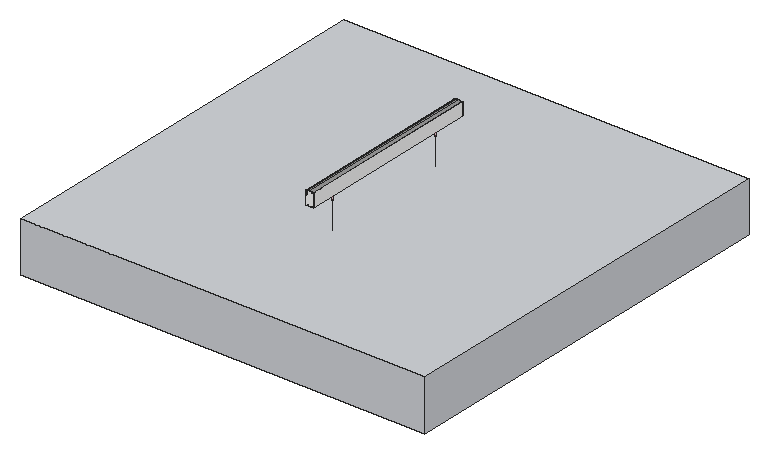
Revit family "LAMP_FIL 45 1120MM D-I OPAL", category Luminarias, Revit 2018
Family settings
  Anfitrión = Cara
  Cota de conector redondo = Diámetro de uso
  Tipo de pieza = Normal
  Corte con vacíos al cargar = No
  Origen de luz = Sí
  Compartido = No
  Punto de cálculo de habitación = No
Parameters (values of type "4000LM 3000K  BLACK")
  Ángulo de inclinación = -90.00°
  Weight = 2.55 kg
  Wattage = 19.81 W
  Type = "MID POWER TRIDONIC"
  built-in parameter 1150107 = 3000 (stored number, unit not read)
  Suspension distance [instance] = if(Suspension > 4000 mm, 4000 mm, if(Suspension < 1 mm, 1 mm, Suspension))  # 200 mm
  Suspension [instance] = 200 mm
  built-in parameter 1150110 = 1 (stored number, unit not read)
  built-in parameter 1150109 = 1 (stored number, unit not read)
  built-in parameter 1150112 = 1 (stored number, unit not read)
  built-in parameter 1150113 = 1 (stored number, unit not read)
  built-in parameter 1114218 = 1 (stored number, unit not read)
  Protection rating = "IP20 / IK07"
  Product datasheet = "http://www.lamp.es/product-files/TECH/F41SF112MOIO830NB-EN.pdf"
  Product code = "F41SF112MOIO830NB"
  Product URL = "https://www.lamp.es/en/family/fil-45_413951"
  Power Supply = "220-240V 50/60Hz"
  Power = 25 W
  Plum = 28.3 W
  Photobiological risk = ""
  NOT COVER 2 [instance] = not(END COVER 2)  # no
  NOT COVER 1 [instance] = not(END COVER 1)  # no
  built-in parameter 1150137 = (empty or 0)
  built-in parameter 1150132 = 2
  Modelo = Product code  # "F41SF112MOIO830NB"
  Model Explanation = ""
  Material suspension = LAMP_Acero genérico
  Material perfil = LAMP_Aluminio Perfil Fil NG
  Material difusor = LAMP_PC Difusor Opal Fil
  Manufacturer name = "LAMP"
  Manufacturer country = "Spain"
  Manufacturer URL = "http://www.lamp.es/en"
  MacAdam = "3"
  Longitud de línea de emisión = 1120 mm
  Last update = "21/04/2021"
  Lamp = "MID-POWER LED"
  LED Lifetime = "70.000 L80 B10"
  built-in parameter 1150105 = 678.92 (stored number, unit not read)
  built-in parameter 1150102 = (empty or 0)
  Insulation class = "I"
  Installation instructions = "https://www.lamp.es/product-files/INS/1004580-C%20INSTR.%20FIL45.pdf"
  Indirect light = LAMP_FIL 45 1120MM D-I OPAL_I : 3000K
  built-in parameter 1150106 = 6.7892 (stored number, unit not read)
  IEE = "A+"
  Gear = "Electronic"
  Lumens = 1785.08 lm
  Finish = "Matte black RAL 9011"
  Color Filter = 16777215
  built-in parameter 1114217 = 1 (stored number, unit not read)
  built-in parameter 1150139 = (empty or 0)
  Fabricante = Manufacturer name  # "LAMP"
  Default Elevation = 1219.2 mm
  built-in parameter 1150104 = 8.3715 (stored number, unit not read)
  Efficacy = 90.11 lm/W
  END COVER 2 [instance] = yes
  END COVER 1 [instance] = yes
  Dimensions = "1120x45x80"
  Descripción = "FIL45 SUR 1120 4000 WW D/I OPAL BK."
  built-in parameter 1150115 = 1 (stored number, unit not read)
  built-in parameter 1150114 = 1 (stored number, unit not read)
  built-in parameter 1150138 = (empty or 0)
  built-in parameter 1150134 = 3
  Dimming Lamp Color Temperature Shift = (empty or 0)
  CRI = "80"
  Archivo de red fotométrica = "F41SF112MOIO830NW_D.IES"
  built-in parameter 1150133 = 10 (stored number, unit not read)
Types (12, lengths in mm): name | Weight | built-in parameter 1150107 | Product datasheet | Product code | Modelo | Material perfil | built-in parameter 1150105 | Indirect light | built-in parameter 1150106 | Lumens | Finish | built-in parameter 1150104 | Efficacy | Descripción | Archivo de red fotométrica
  4000LM 3000K DALI BLACK | 2.728 kg | 3000 (stored number, unit not read) | "http://www.lamp.es/product-files/TECH/F41SF112MOIO830DB-EN.pdf" | "F41SF112MOIO830DB" | "F41SF112MOIO830DB" | LAMP_Aluminio Perfil Fil NG | 142.05 (stored number, unit not read) | LAMP_FIL 45 1120MM D-I OPAL_I : 3000K | 1.4205 (stored number, unit not read) | 1785.08 lm | "Matte black RAL 9011" | 8.3715 (stored number, unit not read) | 90.11 lm/W | "FIL45 SUR 1120 4000 WW D/I OPAL DALI BK." | "F41SF112MOIO830NW_D.IES"
  4000LM 3000K DALI GREY | 2.728 kg | 3000 (stored number, unit not read) | "http://www.lamp.es/product-files/TECH/F41SF112MOIO830DG-EN.pdf" | "F41SF112MOIO830DG" | "F41SF112MOIO830DG" | LAMP_Aluminio Perfil Fil GR | 142.05 (stored number, unit not read) | LAMP_FIL 45 1120MM D-I OPAL_I : 3000K | 1.4205 (stored number, unit not read) | 1785.08 lm | "Gloss grey" | 8.3715 (stored number, unit not read) | 90.11 lm/W | "FIL45 SUR 1120 4000 WW D/I OPAL DALI GR." | "F41SF112MOIO830NW_D.IES"
  4000LM 3000K DALI WHITE | 2.728 kg | 3000 (stored number, unit not read) | "http://www.lamp.es/product-files/TECH/F41SF112MOIO830DW-EN.pdf" | "F41SF112MOIO830DW" | "F41SF112MOIO830DW" | LAMP_Aluminio Perfil Fil BL | 142.05 (stored number, unit not read) | LAMP_FIL 45 1120MM D-I OPAL_I : 3000K | 1.4205 (stored number, unit not read) | 1785.08 lm | "Matte white RAL 9010" | 8.3715 (stored number, unit not read) | 90.11 lm/W | "FIL45 SUR 1120 4000 WW D/I OPAL DALI WH." | "F41SF112MOIO830NW_D.IES"
  4000LM 3000K  BLACK | 2.55 kg | 3000 (stored number, unit not read) | "http://www.lamp.es/product-files/TECH/F41SF112MOIO830NB-EN.pdf" | "F41SF112MOIO830NB" | "F41SF112MOIO830NB" | LAMP_Aluminio Perfil Fil NG | 678.92 (stored number, unit not read) | LAMP_FIL 45 1120MM D-I OPAL_I : 3000K | 6.7892 (stored number, unit not read) | 1785.08 lm | "Matte black RAL 9011" | 8.3715 (stored number, unit not read) | 90.11 lm/W | "FIL45 SUR 1120 4000 WW D/I OPAL BK." | "F41SF112MOIO830NW_D.IES"
  4000LM 3000K  GREY | 2.55 kg | 3000 (stored number, unit not read) | "http://www.lamp.es/product-files/TECH/F41SF112MOIO830NG-EN.pdf" | "F41SF112MOIO830NG" | "F41SF112MOIO830NG" | LAMP_Aluminio Perfil Fil GR | 142.05 (stored number, unit not read) | LAMP_FIL 45 1120MM D-I OPAL_I : 3000K | 1.4205 (stored number, unit not read) | 1785.08 lm | "Gloss grey" | 8.3715 (stored number, unit not read) | 90.11 lm/W | "FIL45 SUR 1120 4000 WW D/I OPAL GR." | "F41SF112MOIO830NW_D.IES"
  4000LM 3000K  WHITE | 2.55 kg | 3000 (stored number, unit not read) | "http://www.lamp.es/product-files/TECH/F41SF112MOIO830NW-EN.pdf" | "F41SF112MOIO830NW" | "F41SF112MOIO830NW" | LAMP_Aluminio Perfil Fil BL | 142.05 (stored number, unit not read) | LAMP_FIL 45 1120MM D-I OPAL_I : 3000K | 1.4205 (stored number, unit not read) | 1785.08 lm | "Matte white RAL 9010" | 8.3715 (stored number, unit not read) | 90.11 lm/W | "FIL45 SUR 1120 4000 WW D/I OPAL WH." | "F41SF112MOIO830NW_D.IES"
  4000LM 4000K DALI BLACK | 2.728 kg | 4000 (stored number, unit not read) | "http://www.lamp.es/product-files/TECH/F41SF112MOIO840DB-EN.pdf" | "F41SF112MOIO840DB" | "F41SF112MOIO840DB" | LAMP_Aluminio Perfil Fil NG | 148.23 (stored number, unit not read) | LAMP_FIL 45 1120MM D-I OPAL_I : 4000K | 1.4823 (stored number, unit not read) | 1862.73 lm | "Matte black RAL 9011" | 8.7357 (stored number, unit not read) | 94.04 lm/W | "FIL45 SUR 1120 4000 NW D/I OPAL DALI BK." | "F41SF112MOIO840NW_D.IES"
  4000LM 4000K DALI GREY | 2.728 kg | 4000 (stored number, unit not read) | "http://www.lamp.es/product-files/TECH/F41SF112MOIO840DG-EN.pdf" | "F41SF112MOIO840DG" | "F41SF112MOIO840DG" | LAMP_Aluminio Perfil Fil GR | 148.23 (stored number, unit not read) | LAMP_FIL 45 1120MM D-I OPAL_I : 4000K | 1.4823 (stored number, unit not read) | 1862.73 lm | "Gloss grey" | 8.7357 (stored number, unit not read) | 94.04 lm/W | "FIL45 SUR 1120 4000 NW D/I OPAL DALI GR." | "F41SF112MOIO840NW_D.IES"
  4000LM 4000K DALI WHITE | 2.728 kg | 4000 (stored number, unit not read) | "http://www.lamp.es/product-files/TECH/F41SF112MOIO840DW-EN.pdf" | "F41SF112MOIO840DW" | "F41SF112MOIO840DW" | LAMP_Aluminio Perfil Fil BL | 148.23 (stored number, unit not read) | LAMP_FIL 45 1120MM D-I OPAL_I : 4000K | 1.4823 (stored number, unit not read) | 1862.73 lm | "Matte white RAL 9010" | 8.7357 (stored number, unit not read) | 94.04 lm/W | "FIL45 SUR 1120 4000 NW D/I OPAL DALI WH." | "F41SF112MOIO840NW_D.IES"
  4000LM 4000K  BLACK | 2.55 kg | 4000 (stored number, unit not read) | "http://www.lamp.es/product-files/TECH/F41SF112MOIO840NB-EN.pdf" | "F41SF112MOIO840NB" | "F41SF112MOIO840NB" | LAMP_Aluminio Perfil Fil NG | 141.93 (stored number, unit not read) | LAMP_FIL 45 1120MM D-I OPAL_I : 4000K | 1.4193 (stored number, unit not read) | 1783.49 lm | "Matte black RAL 9011" | 8.3641 (stored number, unit not read) | 94.04 lm/W | "FIL45 SUR 1120 4000 NW D/I OPAL BK." | "F41SF112MOIO840NW_D.IES"
  4000LM 4000K  GREY | 2.55 kg | 4000 (stored number, unit not read) | "http://www.lamp.es/product-files/TECH/F41SF112MOIO840NG-EN.pdf" | "F41SF112MOIO840NG" | "F41SF112MOIO840NG" | LAMP_Aluminio Perfil Fil GR | 148.23 (stored number, unit not read) | LAMP_FIL 45 1120MM D-I OPAL_I : 4000K | 1.4823 (stored number, unit not read) | 1862.73 lm | "Gloss grey" | 8.7357 (stored number, unit not read) | 94.04 lm/W | "FIL45 SUR 1120 4000 NW D/I OPAL GR." | "F41SF112MOIO840NW_D.IES"
  4000LM 4000K  WHITE | 2.55 kg | 4000 (stored number, unit not read) | "http://www.lamp.es/product-files/TECH/F41SF112MOIO840NW-EN.pdf" | "F41SF112MOIO840NW" | "F41SF112MOIO840NW" | LAMP_Aluminio Perfil Fil BL | 148.23 (stored number, unit not read) | LAMP_FIL 45 1120MM D-I OPAL_I : 4000K | 1.4823 (stored number, unit not read) | 1862.73 lm | "Matte white RAL 9010" | 8.7357 (stored number, unit not read) | 94.04 lm/W | "FIL45 SUR 1120 4000 NW D/I OPAL WH." | "F41SF112MOIO840NW_D.IES"
Reference planes
  plane 1 "Centro (Frontal/Posterior)": y = 0
  plane 2: z = 0
  plane 3 "Centro (Izquierda/Derecha)": x = 0
Forms (mm)
  Extrusion 1, solid
    sketch origin (0, 0, 0) x (1, 0, 0) y (0, 1, 0)
      loop
        line (-1219.2, 1219.2) -> (-1219.2, -1219.2) -> (1219.2, -1219.2) -> (1219.2, 1219.2) -> (-1219.2, 1219.2)
    from 0 to -304.8
  Extrusion 2, solid, material "LAMP_Aluminio Perfil Fil NG" <- "Material perfil"
    sketch origin (0, 0, 0) x (1, 0, 0) y (0, 0, 1)
      loop
        arc (22.5, 285.7) -> (21.5, 286.7) -> (20.5, 285.7) r 1
        line (20.5, 285.7) -> (20.5, 284.2) -> (17.8, 284.2) -> (17.8, 259) -> (0, 259) -> (-17.8, 259) -> (-17.8, 284.2) -> (-20.5, 284.2) -> (-20.5, 285.7)
        arc (-20.5, 285.7) -> (-21.5, 286.7) -> (-22.5, 285.7) r 1
        line (-22.5, 285.7) -> (-22.5, 206.5) -> (-20.7, 206.5) -> (-20.7, 210) -> (-12.5, 210) -> (-12.5, 208) -> (-14.8, 208) -> (-14.5, 206.5) -> (-11, 206.5) -> (-11, 214.5) -> (0, 214.5) -> (11, 214.5) -> (11, 206.5) -> (14.5, 206.5) -> (14.8, 208) -> (12.5, 208) -> (12.5, 210) -> (20.7, 210) -> (20.7, 206.5) -> (22.5, 206.5) -> (22.5, 285.7)
    from -560 to 560
  Extrusion 3, solid, material "LAMP_Acero genérico" <- "Material suspension"
    sketch origin (0, 0, 0) x (1, 0, 0) y (0, 0, 1)
      loop
        line (-12.5, 201) -> (-15.291, 208.272) -> (-12.823, 210) -> (-13.823, 210) -> (-16.291, 208.272) -> (-13.116, 200) -> (0, 200) -> (13.116, 200) -> (16.291, 208.272) -> (13.823, 210) -> (12.823, 210) -> (15.291, 208.272) -> (12.5, 201) -> (0, 201) -> (-12.5, 201)
    from -400 to -378
  Extrusion 4, solid, material "LAMP_Acero genérico" <- "Material suspension"
    sketch origin (0, -24, 0) x (1, 0, 0) y (0, 1, 0)
      loop
        circle (0, -365) r 5
    from 163.2 to 200
  Extrusion 5, solid, material "LAMP_Acero genérico" <- "Material suspension"
    sketch origin (0, 24, 0) x (1, 0, 0) y (0, 1, 0)
      loop
        circle (0, 365) r 5
    from 163.2 to 200
  Extrusion 6, solid, material "LAMP_Acero genérico" <- "Material suspension"
    sketch origin (0, 0, 0) x (1, 0, 0) y (0, 1, 0)
      loop
        circle (0, -389) r 1
    from 0 to 163.2
  Extrusion 7, solid, material "LAMP_Acero genérico" <- "Material suspension"
    sketch origin (0, 0, 0) x (1, 0, 0) y (0, 1, 0)
      loop
        circle (0, 389) r 1
    from 0 to 163.2
  Extrusion 8, solid, material "LAMP_PC Difusor Opal Fil" <- "Material difusor"
    sketch origin (0, 0, 0) x (1, 0, 0) y (0, 0, 1)
      loop
        line (-20.5, 284.2) -> (0, 284.2) -> (20.5, 284.2) -> (20.5, 286.7) -> (0, 286.7) -> (-20.5, 286.7) -> (-20.5, 284.2)
    from -560 to 560
  Extrusion 9, solid, material "LAMP_Acero genérico" <- "Material suspension"
    sketch origin (0, 0, 0) x (1, 0, 0) y (0, 0, -1)
      loop
        line (-12.5, -201) -> (0, -201) -> (12.5, -201) -> (15.291, -208.272) -> (12.823, -210) -> (13.823, -210) -> (16.291, -208.272) -> (13.116, -200) -> (0, -200) -> (-13.116, -200) -> (-16.291, -208.272) -> (-13.823, -210) -> (-12.823, -210) -> (-15.291, -208.272) -> (-12.5, -201)
    from -400 to -378
  Extrusion 10, solid, material "LAMP_PC Difusor Opal Fil" <- "Material difusor"
    sketch origin (0, 0, 0) x (1, 0, 0) y (0, 0, 1)
      loop
        line (-11, 214.5) -> (-11, 206.5) -> (-7.529, 206.5) -> (11, 206.5) -> (11, 214.5) -> (10, 214.5) -> (10, 207.5) -> (-10, 207.5) -> (-10, 214.5) -> (-11, 214.5)
    from -560 to 560
Lines and regions (mm)
  reference lines
    curve 1: line (0, -445.47, 200) -> (0, 544.53, 200)
Text (mm)
  text "Any modification of the parameters and properties of the LAMP BIM models must be executed and validated by the LAMP technical department.\nPhone: +34 93 736 68 00\nE-mail: lamp@lamp.es\n\nLAMP reserves the right to modify the technical specifications of its products." at (3279.264, 5298.162, -2684.539), in view "Preview"
Dimensions and locks
  "Suspension distance": level to curve 1
  locked: Extrusion 4 to Extrusion 4 at 36.8
  locked: Extrusion 5 to Extrusion 5 at 36.8
  aligned and locked: plane 2 to Extrusion 1
  aligned and locked: level to Extrusion 1
  aligned and locked: Extrusion 8 to Extrusion 2  (x2)
  aligned and locked: curve 1 to Extrusion 9
  aligned and locked: curve 1 to Extrusion 3
  aligned and locked: Extrusion 4 to curve 1
  aligned and locked: Extrusion 5 to curve 1
  aligned and locked: Extrusion 6 to Extrusion 4
  aligned and locked: Extrusion 7 to Extrusion 5
  aligned and locked: Extrusion 2 to Extrusion 9  (x2)
  aligned and locked: imposter light to Extrusion 8
  aligned and locked: Extrusion 10 to Extrusion 2
  aligned and locked: nested 1 to Extrusion 2  (x2)
  aligned and locked: nested 2 to Extrusion 2  (x2)
Automatic sketch dimensions
  Extrusion 1 sketch curve to Extrusion 1 sketch curve = 2438.4 mm  (x2)
  Extrusion 3 sketch curve to plane 3 "Centro (Izquierda/Derecha)" = 0 mm  (x2)
  Extrusion 3 sketch curve to Extrusion 3 sketch curve = 12.5 mm
  Extrusion 3 sketch curve to Extrusion 3 sketch curve = 0.323 mm  (x2)
  Extrusion 3 sketch curve to Extrusion 3 sketch curve = 0.616 mm  (x2)
  Extrusion 3 sketch curve to Extrusion 3 sketch curve = 1 mm  (x5)
  Extrusion 3 sketch curve to Extrusion 3 sketch curve = 1.468 mm  (x2)
  plane 3 "Centro (Izquierda/Derecha)" to Extrusion 3 sketch curve = 12.5 mm
  level to Extrusion 3 sketch curve = 200 mm
  Extrusion 3 sketch curve to Extrusion 3 sketch curve = 7.272 mm  (x2)
  Extrusion 3 sketch curve to Extrusion 3 sketch curve = 0 mm  (x2)
  Extrusion 3 sketch curve to Extrusion 3 sketch curve = 1.728 mm  (x2)
  Extrusion 4 sketch curve to plane 3 "Centro (Izquierda/Derecha)" = 0 mm
  plane 1 "Centro (Frontal/Posterior)" to Extrusion 4 sketch curve = 389 mm
  Extrusion 5 sketch curve to plane 3 "Centro (Izquierda/Derecha)" = 0 mm
  plane 1 "Centro (Frontal/Posterior)" to Extrusion 5 sketch curve = 389 mm
  Extrusion 6 sketch curve to plane 3 "Centro (Izquierda/Derecha)" = 0 mm
  plane 1 "Centro (Frontal/Posterior)" to Extrusion 6 sketch curve = 389 mm
  Extrusion 7 sketch curve to plane 3 "Centro (Izquierda/Derecha)" = 0 mm
  plane 1 "Centro (Frontal/Posterior)" to Extrusion 7 sketch curve = 389 mm
  Extrusion 2 sketch curve to plane 3 "Centro (Izquierda/Derecha)" = 0 mm  (x2)
  Extrusion 2 sketch curve to plane 3 "Centro (Izquierda/Derecha)" = 11 mm
  Extrusion 2 sketch curve to Extrusion 2 sketch curve = 1.5 mm  (x6)
  Extrusion 2 sketch curve to Extrusion 2 sketch curve = 2 mm  (x2)
  Extrusion 2 sketch curve to Extrusion 2 sketch curve = 0.3 mm  (x2)
  Extrusion 2 sketch curve to Extrusion 2 sketch curve = 17.8 mm
  Extrusion 2 sketch curve to Extrusion 2 sketch curve = 2.7 mm  (x2)
  Extrusion 2 sketch curve to Extrusion 2 sketch curve = 5.9 mm  (x2)
  Extrusion 2 sketch curve to Extrusion 2 sketch curve = 1 mm  (x2)
  plane 3 "Centro (Izquierda/Derecha)" to Extrusion 2 sketch curve = 11 mm
  plane 3 "Centro (Izquierda/Derecha)" to Extrusion 2 sketch curve = 17.8 mm
  level to Extrusion 2 sketch curve = 206.5 mm
  Extrusion 2 sketch curve to Extrusion 2 sketch curve = 0 mm  (x3)
  Extrusion 2 sketch curve to Extrusion 2 sketch curve = 3.5 mm  (x2)
  Extrusion 2 sketch curve to Extrusion 2 sketch curve = 4.5 mm
  Extrusion 2 sketch curve to Extrusion 2 sketch curve = 44.5 mm
  Extrusion 2 sketch curve to Extrusion 2 sketch curve = 25.2 mm  (x2)
  Extrusion 8 sketch curve to plane 3 "Centro (Izquierda/Derecha)" = 0 mm  (x2)
  Extrusion 8 sketch curve to Extrusion 8 sketch curve = 20.5 mm
  plane 3 "Centro (Izquierda/Derecha)" to Extrusion 8 sketch curve = 20.5 mm
  level to Extrusion 8 sketch curve = 284.2 mm
  Extrusion 8 sketch curve to Extrusion 8 sketch curve = 2.5 mm
  Extrusion 9 sketch curve to plane 3 "Centro (Izquierda/Derecha)" = 0 mm  (x2)
  Extrusion 9 sketch curve to Extrusion 9 sketch curve = 12.5 mm
  Extrusion 9 sketch curve to Extrusion 9 sketch curve = 0.323 mm  (x2)
  Extrusion 9 sketch curve to Extrusion 9 sketch curve = 0.616 mm  (x2)
  Extrusion 9 sketch curve to Extrusion 9 sketch curve = 1 mm  (x5)
  Extrusion 9 sketch curve to Extrusion 9 sketch curve = 1.468 mm  (x2)
  plane 3 "Centro (Izquierda/Derecha)" to Extrusion 9 sketch curve = 12.5 mm
  level to Extrusion 9 sketch curve = 210 mm
  Extrusion 9 sketch curve to Extrusion 9 sketch curve = 0 mm  (x3)
  Extrusion 9 sketch curve to Extrusion 9 sketch curve = 1.728 mm  (x2)
  Extrusion 9 sketch curve to Extrusion 9 sketch curve = 7.272 mm
  Extrusion 10 sketch curve to plane 3 "Centro (Izquierda/Derecha)" = 11 mm
  Extrusion 10 sketch curve to Extrusion 10 sketch curve = 1 mm  (x3)
  Extrusion 10 sketch curve to Extrusion 10 sketch curve = 2.471 mm
  plane 3 "Centro (Izquierda/Derecha)" to Extrusion 10 sketch curve = 10 mm
  level to Extrusion 10 sketch curve = 206.5 mm
  Extrusion 10 sketch curve to Extrusion 10 sketch curve = 7 mm  (x2)
  plane 1 "Centro (Frontal/Posterior)" to curve 1 = 445.47 mm
  curve 1 to plane 1 "Centro (Frontal/Posterior)" = 544.53 mm
  radius of Extrusion 4 sketch curve = 5 mm
  radius of Extrusion 5 sketch curve = 5 mm
  radius of Extrusion 6 sketch curve = 1 mm
  radius of Extrusion 7 sketch curve = 1 mm
Nested families
  nested 1: "LAMP_FIL 45 END COVER SURFACE" at (0, -561, 206.5), visible <- "END COVER 1", type "LAMP_FIL 45 END COVER SURFACE"
  nested 2: "LAMP_FIL 45 END COVER SURFACE" at (0, 561, 206.5), visible <- "END COVER 2", type "LAMP_FIL 45 END COVER SURFACE"
  nested 3: "LAMP_FIL 45 1120MM D-I OPAL_I" at (0, 0, -1293.5), type "3000K"
Connectors
  electrical at (0, 389, 200)
    settings: on Extrusion 5, index 1, voltage 230 V, apparent load 0 VA, apparent load phase1 0 VA, apparent load phase2 0 VA, apparent load phase3 0 VA, power factor 1, load classification "Otro", number of poles 1, system type 31, power factor state 1, is connector primary yes, connector utility no, sub classification motor no, connector description ""
Definition of nested family "LAMP_FIL 45 END COVER SURFACE"
  Parameters (values of type "Blanco")
    Material tapa = none
  Reference planes
    plane 1 "Centro (Frontal/Posterior)": y = 0
    plane 2: z = 0
    plane 3 "Centro (Izquierda/Derecha)": x = 0
  Forms (mm)
    Extrusion 1, solid, material <- "Material tapa"
      sketch origin (0, 0, 0) x (0, -1, 0) y (0, 0, 1)
        loop
          line (0, 0) -> (1, 0) -> (1, 80) -> (-1, 80) -> (-1, 0) -> (0, 0)
      from -22.5 to 22.5
  Dimensions and locks
    aligned and locked: level to plane 2
Definition of nested family "LAMP_FIL 45 1120MM D-I OPAL_I"
  Parameters (values of type "3000K")
    Tilt Angle = -90.00°
    Wattage = 8.49 W
    built-in parameter 1150110 = 1 (stored number, unit not read)
    built-in parameter 1114217 = 1 (stored number, unit not read)
    built-in parameter 1150109 = 1 (stored number, unit not read)
    built-in parameter 1150134 = (empty or 0)
    built-in parameter 1150113 = 1 (stored number, unit not read)
    Lumens = 765.034 lm
    built-in parameter 1150115 = 1 (stored number, unit not read)
    built-in parameter 1150105 = 60.879 (stored number, unit not read)
    built-in parameter 1150137 = (empty or 0)
    built-in parameter 1150139 = (empty or 0)
    built-in parameter 1150112 = 1 (stored number, unit not read)
    built-in parameter 1150114 = 1 (stored number, unit not read)
    built-in parameter 1150132 = 2
    built-in parameter 1150102 = (empty or 0)
    built-in parameter 1150138 = (empty or 0)
    built-in parameter 1150107 = 3000 (stored number, unit not read)
    built-in parameter 1150106 = 0.60879 (stored number, unit not read)
    built-in parameter 1150104 = 8.3715 (stored number, unit not read)
    Dimming Lamp Color Temperature Shift = (empty or 0)
    Color Filter = 16777215
    built-in parameter 1114218 = 1 (stored number, unit not read)
    Photometric Web File = "F41SF112MOIO830NW_I.IES"
    built-in parameter 1150133 = 10 (stored number, unit not read)
  Types (3, lengths in mm): name | built-in parameter 1150134 | Lumens | built-in parameter 1150105 | built-in parameter 1150107 | built-in parameter 1150106 | built-in parameter 1150104 | Photometric Web File
    (no name) | (empty or 0) | 765.034 lm | 60.879 (stored number, unit not read) | 3000 (stored number, unit not read) | 0.60879 (stored number, unit not read) | 8.3715 (stored number, unit not read) | "F41SF112MOIO830NW_I.IES"
    3000K | (empty or 0) | 765.034 lm | 60.879 (stored number, unit not read) | 3000 (stored number, unit not read) | 0.60879 (stored number, unit not read) | 8.3715 (stored number, unit not read) | "F41SF112MOIO830NW_I.IES"
    4000K | 12 | 798.315 lm | 63.528 (stored number, unit not read) | 4000 (stored number, unit not read) | 0.63528 (stored number, unit not read) | 8.7357 (stored number, unit not read) | "F41SF112MOIO840NW_I.IES"
  Reference planes
    plane 1 "Eje de origen de luz (F/P)": y = 0
    plane 2: z = 0
    plane 3 "Eje de origen de luz (I/D)": x = 0
    plane 4 "Elevación de origen de luz": z = 1500
  Dimensions and locks
    aligned and locked: plane 3 "Eje de origen de luz (I/D)" to imposter light
    aligned and locked: plane 1 "Eje de origen de luz (F/P)" to imposter light
    aligned and locked: plane 4 "Elevación de origen de luz" to imposter light
    aligned and locked: level to plane 2
